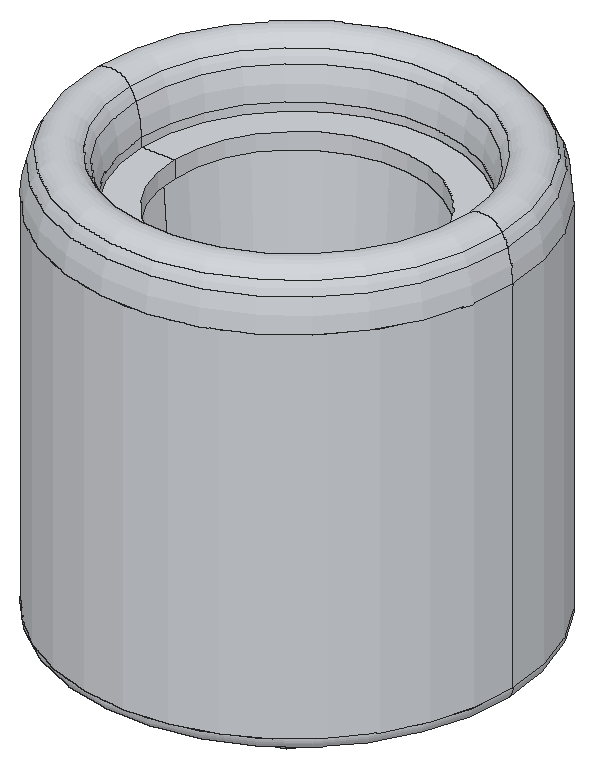
Revit family "BuzziSpace - BuzziKnit Planter", category Furniture, Revit 2019
Family settings
  OmniClass Number = 23.40.20.00
  OmniClass Title = General Furniture and Specialties
  Work Plane-Based = No
  Always vertical = Yes
  Cut with Voids When Loaded = No
  Shared = No
  Room Calculation Point = No
Parameters (values of type "BuzziKnit Planter")
  Upholstery [instance] = none
  URL = "https://www.buzzi.space/acoustic-solutions/buzziknit-planter"
  Model = "BuzzziKnit Planter"
  Manufacturer = "BuzziSpace"  # constant formula
  Container [instance] = none
  Bottom [instance] = none
Reference planes (in)
  plane 1 "Center Front/Back": y = 0
  plane 2: z = 0
  plane 3 "Center Left/Right": x = 0
  plane 4 "Mask": z = 18.99961
  plane 5: x = -9.00002
  plane 6: y = 9
  plane 7: y = -9
  plane 8: x = 9.00002
Forms (in)
  Revolve 1, solid, material <- "Container"
    sketch origin (0, 0, 0) x (1, 0, 0) y (0, 0, 1)
      loop
        line (-0.00002, 4.72881) -> (-3.66101, 4.72881)
        arc (-3.66101, 4.72881) -> (-4.45153, 5.03976) -> (-4.81837, 5.80594) r 1.16035
        line (-4.81837, 5.80594) -> (-5.50515, 15.35735) -> (-5.01212, 15.35735) -> (-5.01212, 16.02513) -> (-6.39765, 16.02513) -> (-6.39765, 15.02513) -> (-5.56215, 15.02513) -> (-4.89937, 5.80753)
        arc (-4.89937, 5.80753) -> (-4.50419, 4.98215) -> (-3.65259, 4.64718) r 1.25
        line (-3.65259, 4.64718) -> (-0.00002, 4.64718) -> (-0.00002, 4.72881)
      axis (0, 16.02513) -> (0, 4.64718)
    angle from 0 to 360
  Revolve 2, solid, material <- "Upholstery"
    sketch origin (0, 0, 0) x (1, 0, 0) y (0, 0, 1)
      loop
        arc (-8.86354, 1.52641) -> (-8.67262, 1.13339) -> (-8.24566, 1.04051) r 0.5
        line (-8.24566, 1.04051) -> (-7.75484, 1.15958) -> (-7.75484, 1.31706) -> (-6.37724, 1.31706) -> (-6.37724, 16.35005)
        arc (-6.37724, 16.35005) -> (-6.43235, 16.99299) -> (-6.59607, 17.61717) r 3.77799
        arc (-6.59607, 17.61717) -> (-6.70037, 17.86004) -> (-6.83465, 18.08773) r 2.07897
        arc (-6.83465, 18.08773) -> (-7.62039, 18.50396) -> (-8.40613, 18.08773) r 0.94974
        arc (-8.40613, 18.08773) -> (-8.54041, 17.86004) -> (-8.64471, 17.61717) r 2.07897
        arc (-8.64471, 17.61717) -> (-8.80843, 16.99299) -> (-8.86354, 16.35005) r 3.77799
        line (-8.86354, 16.35005) -> (-8.86354, 1.52641)
      axis (0, 18.08773) -> (0, 1.04051)
    angle from 0 to 360
  Revolve 3, solid, material <- "Bottom"
    sketch origin (0, 0, 0) x (1, 0, 0) y (0, 0, 1)
      loop
        line (-7.99213, 1.97687) -> (-7.99213, 1.71076) -> (-7.52026, 1.71076) -> (-7.52026, 1.31706) -> (-7.75484, 1.31706) -> (-7.75484, 1.15958) -> (-4.83618, 1.15958) -> (-4.83618, 1.23832) -> (-4.70889, 1.23832) -> (-4.70889, 1.15958) -> (0, 1.15958) -> (0, 1.97687) -> (-7.99213, 1.97687)
      axis (0, 1.97687) -> (0, 1.15958)
    angle from 0 to 360
  Revolve 4, solid, material <- "Bottom"
    sketch origin (0, 0, 0) x (0, 1, 0) y (0, 0, 1)
      loop
        line (7.36318, 1.15958) -> (6.45785, 1.15958) -> (6.45785, 1.08084) -> (6.66142, 1.08084) -> (6.74523, 0.24273)
        arc (6.74523, 0.24273) -> (6.76948, 0.19468) -> (6.81971, 0.17532) r 0.07485
        line (6.81971, 0.17532) -> (6.9685, 0.17532)
        arc (6.9685, 0.17532) -> (7.24758, 0.29092) -> (7.36318, 0.57) r 0.39468
        line (7.36318, 0.57) -> (7.36318, 1.15958)
      axis (6.45785, 1.15958) -> (6.45785, 0.17532)
    angle from 0 to 360
  Revolve 5, solid, material <- "Bottom"
    sketch origin (0, 0, 0) x (0.951057, 0.309017, 0) y (0, 0, 1)
      loop
        line (7.36318, 1.15958) -> (6.45785, 1.15958) -> (6.45785, 1.08084) -> (6.66142, 1.08084) -> (6.74523, 0.24273)
        arc (6.74523, 0.24273) -> (6.76948, 0.19468) -> (6.81971, 0.17532) r 0.07485
        line (6.81971, 0.17532) -> (6.9685, 0.17532)
        arc (6.9685, 0.17532) -> (7.24758, 0.29092) -> (7.36318, 0.57) r 0.39468
        line (7.36318, 0.57) -> (7.36318, 1.15958)
      axis (6.45785, 1.15958) -> (6.45785, 0.17532)
    angle from 0 to 360
  Revolve 6, solid, material <- "Bottom"
    sketch origin (0, 0, 0) x (-0.951057, 0.309017, 0) y (0, 0, 1)
      loop
        line (7.36318, 1.15958) -> (6.45785, 1.15958) -> (6.45785, 1.08084) -> (6.66142, 1.08084) -> (6.74523, 0.24273)
        arc (6.74523, 0.24273) -> (6.76948, 0.19468) -> (6.81971, 0.17532) r 0.07485
        line (6.81971, 0.17532) -> (6.9685, 0.17532)
        arc (6.9685, 0.17532) -> (7.24758, 0.29092) -> (7.36318, 0.57) r 0.39468
        line (7.36318, 0.57) -> (7.36318, 1.15958)
      axis (6.45785, 1.15958) -> (6.45785, 0.17532)
    angle from 0 to 360
  Revolve 7, solid, material <- "Bottom"
    sketch origin (0, 0, 0) x (-0.587785, -0.809017, 0) y (0, 0, 1)
      loop
        line (7.36318, 1.15958) -> (6.45785, 1.15958) -> (6.45785, 1.08084) -> (6.66142, 1.08084) -> (6.74523, 0.24273)
        arc (6.74523, 0.24273) -> (6.76948, 0.19468) -> (6.81971, 0.17532) r 0.07485
        line (6.81971, 0.17532) -> (6.9685, 0.17532)
        arc (6.9685, 0.17532) -> (7.24758, 0.29092) -> (7.36318, 0.57) r 0.39468
        line (7.36318, 0.57) -> (7.36318, 1.15958)
      axis (6.45785, 1.15958) -> (6.45785, 0.17532)
    angle from 0 to 360
  Revolve 8, solid, material <- "Bottom"
    sketch origin (0, 0, 0) x (0.587785, -0.809017, 0) y (0, 0, 1)
      loop
        line (7.36318, 1.15958) -> (6.45785, 1.15958) -> (6.45785, 1.08084) -> (6.66142, 1.08084) -> (6.74523, 0.24273)
        arc (6.74523, 0.24273) -> (6.76948, 0.19468) -> (6.81971, 0.17532) r 0.07485
        line (6.81971, 0.17532) -> (6.9685, 0.17532)
        arc (6.9685, 0.17532) -> (7.24758, 0.29092) -> (7.36318, 0.57) r 0.39468
        line (7.36318, 0.57) -> (7.36318, 1.15958)
      axis (6.45785, 1.15958) -> (6.45785, 0.17532)
    angle from 0 to 360
Lines and regions (in)
  Masking region 1
    outline origin (0, 0, 18.99961) x (-1, 0, 0) y (0, -1, 0)
      loop
        circle (0.00002, 0) r 9
  symbolic lines, detail levels medium+fine
    curve 1: circle (-0.00002, 0, 18.99961) r 6.37725 normal (0, 0, 1)
    curve 2: circle (-0.00002, 0, 18.99961) r 4.7089 normal (0, 0, 1)
Dimensions and locks (in)
  aligned and locked: level to plane 2
